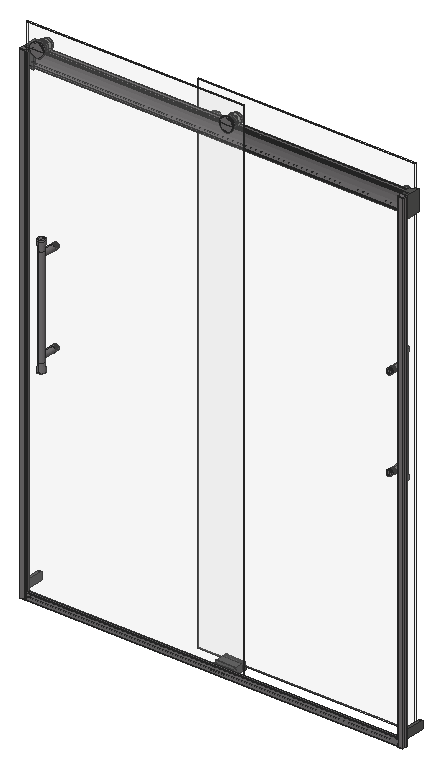
Revit family "Shower-Shower_Door-KOHLER-Elmbrook-K-706851_1", category Specialty Equipment, host Face, Revit 2022 (continued)
Definition of nested family "K-706851"
  Automatic sketch dimensions
    plane 27 to Masking region 2 sketch curve = 0.01636"
    Masking region 2 sketch curve to Masking region 2 sketch curve = 0.0236"
    Masking region 2 sketch curve to Masking region 2 sketch curve = 0.03255"
    Masking region 2 sketch curve to Masking region 2 sketch curve = 0.01602"
    Masking region 2 sketch curve to plane 18 = 0.06319"
    plane 35 to Masking region 2 sketch curve = 0.312"
    plane 35 to Masking region 2 sketch curve = 0.156"
    plane 35 to Masking region 2 sketch curve = 0.1069"
    Masking region 2 sketch curve to Masking region 2 sketch curve = 0.05075"  (x2)
    Masking region 2 sketch curve to plane 25 = 0.10525"
    Masking region 2 sketch curve to plane 25 = 0.04071"
    Masking region 2 sketch curve to plane 25 = 0.02031"
    Masking region 2 sketch curve to plane 25 = 0.00438"
    Masking region 2 sketch curve to plane 25 = 0.00022"
    plane 25 to Masking region 2 sketch curve = 0.02946"
    plane 1 "Center (Front/Back)" to Masking region 2 sketch curve = 0.11647"
    Masking region 2 sketch curve to plane 1 "Center (Front/Back)" = 0.07401"
    Masking region 2 sketch curve to Masking region 2 sketch curve = 0.05849"
    Masking region 2 sketch curve to plane 26 = 0.10201"
    Masking region 2 sketch curve to Masking region 2 sketch curve = 0.00085"
    Masking region 2 sketch curve to Masking region 2 sketch curve = 0.02793"
    Masking region 2 sketch curve to plane 26 = 0.06158"
    Masking region 2 sketch curve to plane 34 = 0.05"  (x2)
    plane 34 to Masking region 2 sketch curve = 0.09241"
    Masking region 2 sketch curve to plane 21 = 0.03043"
    plane 34 to Masking region 2 sketch curve = 0.09835"
    plane 36 to Masking region 2 sketch curve = 0.08296"
    Masking region 2 sketch curve to plane 36 = 0.07575"  (x2)
    Masking region 2 sketch curve to plane 36 = 0.07883"
    Masking region 2 sketch curve to plane 36 = 0.08219"
    plane 30 to Masking region 2 sketch curve = 0.00942"
    Masking region 2 sketch curve to plane 29 = 0.04346"
    Masking region 2 sketch curve to level = 0.0002"
    plane 29 to Masking region 2 sketch curve = 0.0082"
    plane 29 to Masking region 2 sketch curve = 0.1314"
    plane 29 to Masking region 2 sketch curve = 0.1358"
    plane 31 to Masking region 2 sketch curve = 0.09986"
    plane 31 to Masking region 2 sketch curve = 0.09896"
    Masking region 2 sketch curve to Masking region 2 sketch curve = 0.0137"
    Masking region 2 sketch curve to Masking region 2 sketch curve = 0.01503"
    plane 31 to Masking region 2 sketch curve = 0.03323"  (x2)
    plane 31 to Masking region 2 sketch curve = 0.02969"
    plane 31 to Masking region 2 sketch curve = 0.01808"
    Masking region 2 sketch curve to plane 31 = 0.00015"
    plane 20 to Masking region 2 sketch curve = 0.06059"
    Masking region 2 sketch curve to plane 28 = 0.85209"  (x2)
    plane 19 to Masking region 2 sketch curve = 0.06059"  (x2)
    Masking region 2 sketch curve to plane 40 = 0.42282"  (x2)
    Masking region 2 sketch curve to plane 28 = 0.88433"  (x3)
    Masking region 2 sketch curve to plane 38 = 0.43199"  (x2)
    plane 24 to Masking region 2 sketch curve = 0.08495"
    plane 24 to Masking region 2 sketch curve = 0.08373"
    plane 24 to Masking region 2 sketch curve = 0.04023"
    Masking region 2 sketch curve to plane 24 = 2.92172"  (x2)
    Masking region 2 sketch curve to Masking region 2 sketch curve = 6.59071"
    Masking region 2 sketch curve to Masking region 2 sketch curve = 7.29068"
    Masking region 2 sketch curve to Masking region 2 sketch curve = 0.05403"
    Masking region 2 sketch curve to Masking region 2 sketch curve = 0.57158"
    Masking region 2 sketch curve to Masking region 2 sketch curve = 0.05809"
    Masking region 2 sketch curve to Masking region 2 sketch curve = 0.06059"
    Masking region 2 sketch curve to Masking region 2 sketch curve = 0.08535"
    Masking region 2 sketch curve to plane 40 = 0.42341"  (x2)
    Masking region 2 sketch curve to Masking region 2 sketch curve = 0.05416"  (x2)
    Masking region 2 sketch curve to plane 40 = 0.16425"  (x2)
    plane 40 to Masking region 2 sketch curve = 0.31623"  (x2)
    Masking region 2 sketch curve to Masking region 2 sketch curve = 0.04776"  (x2)
    Masking region 2 sketch curve to Masking region 2 sketch curve = 0.02824"
    Masking region 2 sketch curve to plane 38 = 0.40375"
    plane 38 to Masking region 2 sketch curve = 0.30561"  (x2)
    Masking region 2 sketch curve to Masking region 2 sketch curve = 0.21208"  (x2)
    plane 19 to Masking region 2 sketch curve = 0.05809"
    plane 19 to Masking region 2 sketch curve = 0.04088"
    Masking region 2 sketch curve to plane 33 = 0.35099"
    Masking region 2 sketch curve to plane 33 = 0.01396"
    plane 22 to Masking region 2 sketch curve = 9/128"
    Masking region 2 sketch curve to Masking region 2 sketch curve = 0.02949"
    Masking region 2 sketch curve to Masking region 2 sketch curve = 0.03402"
    Masking region 2 sketch curve to Masking region 2 sketch curve = 0.09798"
    plane 22 to Masking region 2 sketch curve = 0.38849"
    plane 37 to Masking region 2 sketch curve = 0.7823"
    plane 37 to Masking region 2 sketch curve = 0.52966"
    Masking region 2 sketch curve to Masking region 2 sketch curve = 0.00011"
    Masking region 2 sketch curve to Masking region 2 sketch curve = 0.02894"
    Masking region 2 sketch curve to plane 37 = 0.07752"
    plane 39 to Masking region 2 sketch curve = 0.25637"
    plane 39 to Masking region 2 sketch curve = 0.48005"
    Masking region 2 sketch curve to Masking region 2 sketch curve = 0.02997"
    Masking region 2 sketch curve to Masking region 2 sketch curve = 0.00969"
    Masking region 2 sketch curve to Masking region 2 sketch curve = 0.17709"
    Masking region 2 sketch curve to Masking region 2 sketch curve = 0.14427"
    Masking region 2 sketch curve to Masking region 2 sketch curve = 0.02831"
    Masking region 2 sketch curve to Masking region 2 sketch curve = 0.23605"
    Masking region 2 sketch curve to Masking region 2 sketch curve = 0.17851"
    Masking region 2 sketch curve to Masking region 2 sketch curve = 0.00183"
    Masking region 2 sketch curve to Masking region 2 sketch curve = 0.01358"
    Masking region 2 sketch curve to Masking region 2 sketch curve = 0.27236"
    Masking region 2 sketch curve to Masking region 2 sketch curve = 0.01927"
    Masking region 2 sketch curve to Masking region 2 sketch curve = 0.03027"
    Masking region 2 sketch curve to Masking region 2 sketch curve = 0.93416"
    Masking region 2 sketch curve to plane 18 = 0.2632"
    Masking region 2 sketch curve to plane 18 = 0.22362"
    Masking region 2 sketch curve to plane 18 = 0.08876"
    plane 30 to Masking region 2 sketch curve = 1.08337"
    plane 35 to Masking region 2 sketch curve = 0"
    radius of curve 201 = 0.13429"
    radius of curve 202 = 0.13429"
    radius of curve 203 = 0.13429"
    radius of curve 204 = 0.13429"
    radius of curve 370 = 0.45004"
    radius of curve 5 = 0.98425"
Types (6): name | Width | Walk Through | Type | Model | Finish
  (no name) | 54 161/256" | 22 143/256" | 1 | "K-706851-8L-ABZ" | Kohler-Metal-ABZ-Anodized_Dark_Bronze
  ABZ-Anodized Dark Bronze | 54 161/256" | 22 143/256" | 1 | "K-706851-8L-ABZ" | Kohler-Metal-ABZ-Anodized_Dark_Bronze
  2MB-Vibrant Brushed Moderne Brass | 54 161/256" | 22 143/256" | 2 | "K-706851-8L-2MB" | Kohler-Metal-2MB-Vibrant_Brushed_Moderne_Brass
  BL-Matte Black | 54 161/256" | 22 143/256" | 3 | "K-706851-8L-BL" | Kohler-Metal-BL-Matte_Black
  BNK-Anodized Brushed Nickel | 54 161/256" | 22 143/256" | 4 | "K-706851-8L-BNK" | Kohler-Metal-BNK-Anodized_Brushed_Nickel
  SHP-Bright Polished Silver | 54.62937" | 22.55906" | 5 | "K-706851-8L-SHP" | Kohler-Metal-SHP-Bright_Polished_Silver
